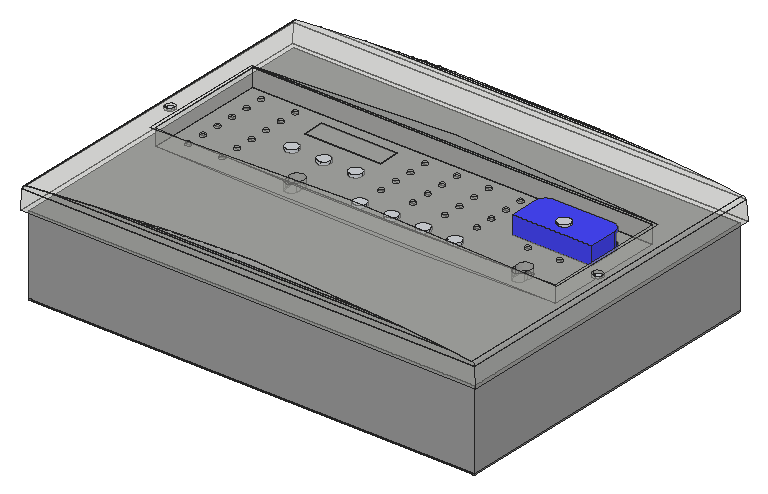
Revit family "Maxlogic konvansiyonel yangın söndürme santralı", category Fire Alarm Devices, host Face, Revit 2021
Family settings
  Host = Face
  Maintain Annotation Orientation = Yes
  Round Connector Dimension = Use Diameter
  Part Type = Normal
  OmniClass Number = 23.85.30.21
  OmniClass Title = Environmental Detection/Registration
  Cut with Voids When Loaded = No
  Shared = No
  Room Calculation Point = No
Parameters (values of type "Konvansiyonel yangın söndürme santralı 4 algılama bölgeli, 1 söndürme çıkışlı")
  Weight = "3900 gr"
  Weatherproof surface mounting back box = ""
  Warranty Duration Unit = "Year"
  Warranty Duration Parts = "2"
  Warranty Duration Labor = "2"
  Version = ""
  URL = "https://www.mavili.com.tr/"
  Recessed mounting base = ""
  Public Works Pose Number = ""
  Protection Sign = ""
  Product Code = "ML-322"
  Phone Number = "(+)90 216 466 45 05"
  Operatonal Voltage (default) = ""
  Operating voltage range = ""
  Operating temperature = "(-5°C) - (+40°C)"
  Nominal Depth = "100 mm"
  Nominal Width = "400 mm"
  Nominal Height = "300 mm"
  Mounting surface = "Duvara montaj"
  Mounting height = ""
  Model = "Maxlogic"
  Manufacturer = "Mavili Elektronik Ticaret A.Ş."
  Installation Manual = "https://mavilielektronik.com/Revit/ML322_kk.pdf"
  Indicator output = ""
  Fax Number = "(+)90 216 466 45 10"
  External supply = "220 V AC"
  Email = "mavili@mavili.com.tr"
  Disclaimer = ""
  Device Adress Setup = ""
  Description = "Konvansiyonel yangın söndürme santralı 4 algılama bölgeli, 1 söndürme çıkışlı"
  Default Elevation = 0 mm
  Current consumption = ""
  Cost unıt = ""
  Cost = 0
  Compatible sockets = ""
  Color = "Beyaz"
  Code Performance = "EN 54-2, EN 54-4"
  Main Material = "Metal Grey"
  Secondary Material = "White Plastic ABS"
  Battery = "2 X (12V DC 7 Ah )"
  Assembly Code = ""
  Address line 1 = "Şerifali Mahallesi Kutup Sokak No:27/1-2-4 Ümraniye TR-34775 İSTANBUL"
Reference planes
  plane 1 "Center (Front/Back)": y = 0
  plane 2: z = 0
  plane 3 "Center (Left/Right)": x = 0
Forms (mm)
  Extrusion 1, solid, material "mavili arka kasa"
    sketch origin (-210, -150, 148.173) x (1, 0, 0) y (0, 0, -1)
      loop
        line (42.905, 77.3) -> (434.905, 77.3) -> (434.905, 146.904)
        arc (434.905, 146.904) -> (434.545, 147.715) -> (433.785, 148.173) r 1.476
        line (433.785, 148.173) -> (44.505, 148.173)
        arc (44.505, 148.173) -> (43.374, 147.704) -> (42.905, 146.573) r 1.6
        line (42.905, 146.573) -> (42.905, 77.3)
    from 0 to 300
  Extrusion 2, solid, material "Mavili beyaz"
    sketch origin (-210, -150, 148.173) x (1, 0, 0) y (0, 0, -1)
      loop
        line (38.905, 77.3) -> (39.824, 59.769)
        arc (39.824, 59.769) -> (40.651, 57.854) -> (42.526, 56.941) r 3
        arc (42.526, 56.941) -> (238.905, 47.3) -> (435.284, 56.941) r 2005
        arc (435.284, 56.941) -> (437.16, 57.854) -> (437.987, 59.769) r 3
        line (437.987, 59.769) -> (438.905, 77.3) -> (38.905, 77.3)
    from 0 to 300
  Extrusion 3, void
    sketch origin (-167.095, -150, 70.872) x (0, 0, 1) y (0, -1, 0)
      loop
        arc (-69.27, -296) -> (-70.403, -295.532) -> (-70.872, -294.4) r 1.6
        line (-70.872, -294.4) -> (-70.872, -300) -> (0, -300) -> (0, -296) -> (-69.27, -296)
    from 0 to 392
  Extrusion 4, void
    sketch origin (-167.095, 150, 70.872) x (0, 0, 1) y (0, -1, 0)
      loop
        line (-69.27, 296) -> (0, 296) -> (0, 300) -> (-70.872, 300) -> (-70.872, 294.4)
        arc (-70.872, 294.4) -> (-70.403, 295.532) -> (-69.27, 296) r 1.6
    from 0 to 392
  Extrusion 5, void
    sketch origin (-210, -150, 148.173) x (0, 0, -1) y (0, 1, 0)
      loop
        line (55.289, 116.326) -> (55.289, 228.158) -> (47.3, 228.297) -> (47.3, 111.721) -> (55.289, 116.326)
    from 0 to 497.127
  Extrusion 6, void
    sketch origin (-210, -150, 148.173) x (0, 0, -1) y (0, 1, 0)
      loop
        arc (47.3, 295.581) -> (48.124, 297.646) -> (50.143, 298.577) r 3
        line (50.143, 298.577) -> (51.913, 298.669) -> (55.057, 298.834) -> (59.769, 299.081) -> (77.3, 300) -> (50, 300) -> (47.3, 300) -> (47.3, 295.581)
    from 0 to 493.151
  Extrusion 7, void
    sketch origin (-210, 150, 148.173) x (0, 0, -1) y (0, 1, 0)
      loop
        line (47.3, -295.581) -> (47.3, -300) -> (50, -300) -> (77.3, -300) -> (59.769, -299.081) -> (55.057, -298.834) -> (51.913, -298.669) -> (50.143, -298.577)
        arc (50.143, -298.577) -> (48.124, -297.646) -> (47.3, -295.581) r 3
    from 0 to 493.151
  Extrusion 8, void
    sketch origin (-167.095, 146, 25.472) x (0, 0, -1) y (1, 0, 0)
      loop
        line (-13.523, 66.9) -> (-13.523, 68.054)
        arc (-13.523, 68.054) -> (-15, 68.144) -> (-16.477, 68.054) r 12.144
        line (-16.477, 68.054) -> (-16.477, 66.9)
        arc (-16.477, 66.9) -> (-26, 56.025) -> (-16.527, 45.106) r 11
        line (-16.527, 45.106) -> (-16.527, 43.952)
        arc (-16.527, 43.952) -> (-15, 43.856) -> (-13.473, 43.952) r 12.144
        line (-13.473, 43.952) -> (-13.473, 45.106)
        arc (-13.473, 45.106) -> (-4, 56.025) -> (-13.523, 66.9) r 11
    from 0 to 1
  Extrusion 9, void
    sketch origin (-127.095, 146, 25.472) x (0, 0, -1) y (1, 0, 0)
      loop
        line (-13.523, 66.9) -> (-13.523, 68.054)
        arc (-13.523, 68.054) -> (-15, 68.144) -> (-16.477, 68.054) r 12.144
        line (-16.477, 68.054) -> (-16.477, 66.9)
        arc (-16.477, 66.9) -> (-26, 56.025) -> (-16.527, 45.106) r 11
        line (-16.527, 45.106) -> (-16.527, 43.952)
        arc (-16.527, 43.952) -> (-15, 43.856) -> (-13.473, 43.952) r 12.144
        line (-13.473, 43.952) -> (-13.473, 45.106)
        arc (-13.473, 45.106) -> (-4, 56.025) -> (-13.523, 66.9) r 11
    from 0 to 1
  Extrusion 10, void
    sketch origin (-87.095, 146, 25.472) x (0, 0, -1) y (1, 0, 0)
      loop
        line (-13.523, 66.9) -> (-13.523, 68.054)
        arc (-13.523, 68.054) -> (-15, 68.144) -> (-16.477, 68.054) r 12.144
        line (-16.477, 68.054) -> (-16.477, 66.9)
        arc (-16.477, 66.9) -> (-26, 56.025) -> (-16.527, 45.106) r 11
        line (-16.527, 45.106) -> (-16.527, 43.952)
        arc (-16.527, 43.952) -> (-15, 43.856) -> (-13.473, 43.952) r 12.144
        line (-13.473, 43.952) -> (-13.473, 45.106)
        arc (-13.473, 45.106) -> (-4, 56.025) -> (-13.523, 66.9) r 11
    from 0 to 1
  Extrusion 11, void
    sketch origin (-47.095, 146, 25.472) x (0, 0, -1) y (1, 0, 0)
      loop
        line (-13.523, 66.9) -> (-13.523, 68.054)
        arc (-13.523, 68.054) -> (-15, 68.144) -> (-16.477, 68.054) r 12.144
        line (-16.477, 68.054) -> (-16.477, 66.9)
        arc (-16.477, 66.9) -> (-26, 56.025) -> (-16.527, 45.106) r 11
        line (-16.527, 45.106) -> (-16.527, 43.952)
        arc (-16.527, 43.952) -> (-15, 43.856) -> (-13.473, 43.952) r 12.144
        line (-13.473, 43.952) -> (-13.473, 45.106)
        arc (-13.473, 45.106) -> (-4, 56.025) -> (-13.523, 66.9) r 11
    from 0 to 1
  Extrusion 12, void
    sketch origin (-7.095, 146, 25.472) x (0, 0, -1) y (1, 0, 0)
      loop
        line (-13.523, 66.9) -> (-13.523, 68.054)
        arc (-13.523, 68.054) -> (-15, 68.144) -> (-16.477, 68.054) r 12.144
        line (-16.477, 68.054) -> (-16.477, 66.9)
        arc (-16.477, 66.9) -> (-26, 56.025) -> (-16.527, 45.106) r 11
        line (-16.527, 45.106) -> (-16.527, 43.952)
        arc (-16.527, 43.952) -> (-15, 43.856) -> (-13.473, 43.952) r 12.144
        line (-13.473, 43.952) -> (-13.473, 45.106)
        arc (-13.473, 45.106) -> (-4, 56.025) -> (-13.523, 66.9) r 11
    from 0 to 1
  Extrusion 13, void
    sketch origin (32.905, 146, 25.472) x (0, 0, -1) y (1, 0, 0)
      loop
        line (-13.523, 66.9) -> (-13.523, 68.054)
        arc (-13.523, 68.054) -> (-15, 68.144) -> (-16.477, 68.054) r 12.144
        line (-16.477, 68.054) -> (-16.477, 66.9)
        arc (-16.477, 66.9) -> (-26, 56.025) -> (-16.527, 45.106) r 11
        line (-16.527, 45.106) -> (-16.527, 43.952)
        arc (-16.527, 43.952) -> (-15, 43.856) -> (-13.473, 43.952) r 12.144
        line (-13.473, 43.952) -> (-13.473, 45.106)
        arc (-13.473, 45.106) -> (-4, 56.025) -> (-13.523, 66.9) r 11
    from 0 to 1
  Extrusion 14, void
    sketch origin (72.905, 146, 25.472) x (0, 0, -1) y (1, 0, 0)
      loop
        line (-13.523, 66.9) -> (-13.523, 68.054)
        arc (-13.523, 68.054) -> (-15, 68.144) -> (-16.477, 68.054) r 12.144
        line (-16.477, 68.054) -> (-16.477, 66.9)
        arc (-16.477, 66.9) -> (-26, 56.025) -> (-16.527, 45.106) r 11
        line (-16.527, 45.106) -> (-16.527, 43.952)
        arc (-16.527, 43.952) -> (-15, 43.856) -> (-13.473, 43.952) r 12.144
        line (-13.473, 43.952) -> (-13.473, 45.106)
        arc (-13.473, 45.106) -> (-4, 56.025) -> (-13.523, 66.9) r 11
    from 0 to 1
  Extrusion 15, void
    sketch origin (112.905, 146, 25.472) x (0, 0, -1) y (1, 0, 0)
      loop
        line (-13.523, 66.9) -> (-13.523, 68.054)
        arc (-13.523, 68.054) -> (-15, 68.144) -> (-16.477, 68.054) r 12.144
        line (-16.477, 68.054) -> (-16.477, 66.9)
        arc (-16.477, 66.9) -> (-26, 56.025) -> (-16.527, 45.106) r 11
        line (-16.527, 45.106) -> (-16.527, 43.952)
        arc (-16.527, 43.952) -> (-15, 43.856) -> (-13.473, 43.952) r 12.144
        line (-13.473, 43.952) -> (-13.473, 45.106)
        arc (-13.473, 45.106) -> (-4, 56.025) -> (-13.523, 66.9) r 11
    from 0 to 1
  Extrusion 16, void
    sketch origin (-210, -33.417, 92.884) x (-1, 0, 0) y (0, 1, 0)
      loop
        line (-62.836, 2.214) -> (-62.836, 108.579)
        spline (-62.836, 108.579) -> (-92.123, 108.62) -> (-121.442, 108.654) -> (-150.785, 108.681) -> (-180.148, 108.699) -> (-209.524, 108.711) -> (-238.905, 108.714) -> (-268.287, 108.711) -> (-297.662, 108.699) -> (-327.025, 108.681) -> (-356.369, 108.654) -> (-385.687, 108.62) -> (-414.974, 108.579)
        line (-414.974, 108.579) -> (-414.974, 2.214)
        spline (-414.974, 2.214) -> (-385.687, 0.847) -> (-356.369, -0.273) -> (-327.025, -1.144) -> (-297.662, -1.766) -> (-268.287, -2.14) -> (-238.905, -2.264) -> (-209.524, -2.14) -> (-180.148, -1.766) -> (-150.785, -1.144) -> (-121.442, -0.273) -> (-92.123, 0.847) -> (-62.836, 2.214)
    from 0 to 15
  Revolve 17, solid, material "Glass"
    sketch origin (-225, 152.917, 77.884) x (-1, 0, 0) y (0, -1, 0)
      loop
        arc (-91.405, 87.917) -> (-93.905, 90.417) -> (-96.405, 87.917) r 2.5
        line (-96.405, 87.917) -> (-91.405, 87.917)
      axis (-91.405, 87.917) -> (-96.405, 87.917)
    angle from 0 to -180
  Extrusion 18, void
    sketch origin (-210, -33.417, 92.884) x (-1, 0, 0) y (0, 1, 0)
      loop
        circle (-50.905, 33.417) r 4.25
    from 0 to 3
  Extrusion 19, solid
    sketch origin (-210, -33.442, 89.884) x (0, 1, 0) y (-1, 0, 0)
      loop
        line (35.753, -50.862) -> (34.597, -48.861) -> (32.286, -48.861) -> (31.13, -50.862) -> (32.286, -52.864) -> (34.597, -52.864) -> (35.753, -50.862)
    from 0 to 1
  Extrusion 20, void
    sketch origin (267.811, -33.417, 92.884) x (-1, 0, 0) y (0, 1, 0)
      loop
        circle (50.905, 33.417) r 4.25
    from 0 to 3
  Extrusion 21, solid
    sketch origin (267.811, -33.442, 89.884) x (0, 1, 0) y (-1, 0, 0)
      loop
        line (35.753, 50.862) -> (34.597, 52.864) -> (32.286, 52.864) -> (31.13, 50.862) -> (32.286, 48.861) -> (34.597, 48.861) -> (35.753, 50.862)
    from 0 to 1
  Revolve 22, solid, material "Glass"
    sketch origin (-225, 136.917, 77.884) x (-1, 0, 0) y (0, -1, 0)
      loop
        arc (-91.405, 87.917) -> (-93.905, 90.417) -> (-96.405, 87.917) r 2.5
        line (-96.405, 87.917) -> (-91.405, 87.917)
      axis (-91.405, 87.917) -> (-96.405, 87.917)
    angle from 0 to -180
  Revolve 23, solid, material "Glass"
    sketch origin (-225, 120.917, 77.884) x (-1, 0, 0) y (0, -1, 0)
      loop
        arc (-91.405, 87.917) -> (-93.905, 90.417) -> (-96.405, 87.917) r 2.5
        line (-96.405, 87.917) -> (-91.405, 87.917)
      axis (-91.405, 87.917) -> (-96.405, 87.917)
    angle from 0 to -180
  Revolve 24, solid, material "Glass"
    sketch origin (-225, 104.917, 77.884) x (-1, 0, 0) y (0, -1, 0)
      loop
        arc (-91.405, 87.917) -> (-93.905, 90.417) -> (-96.405, 87.917) r 2.5
        line (-96.405, 87.917) -> (-91.405, 87.917)
      axis (-91.405, 87.917) -> (-96.405, 87.917)
    angle from 0 to -180
  Extrusion 25, solid
    sketch origin (62, -24.417, 92.758) x (0, 1, 0) y (-1, 0, 0)
      loop
        circle (63.417, -93.905) r 5.5
    from 0 to 2
  Extrusion 26, solid
    sketch origin (-25, -70.435, 77.884) x (0, 1, 0) y (-1, 0, 0)
      loop
        circle (63.417, -93.905) r 5.5
    from 0 to 2
  Extrusion 27, solid
    sketch origin (-53, -70.417, 77.884) x (0, 1, 0) y (-1, 0, 0)
      loop
        circle (63.417, -93.905) r 5.5
    from 0 to 2
  Extrusion 28, solid
    sketch origin (-81, -70.417, 77.884) x (0, 1, 0) y (-1, 0, 0)
      loop
        circle (63.417, -93.905) r 5.5
    from 0 to 2
  Extrusion 29, solid
    sketch origin (-166, -38.417, 77.884) x (0, 1, 0) y (-1, 0, 0)
      loop
        circle (63.417, -93.905) r 5.5
    from 0 to 2
  Revolve 30, solid, material "Glass"
    sketch origin (-225, 88.917, 77.884) x (-1, 0, 0) y (0, -1, 0)
      loop
        arc (-91.405, 87.917) -> (-93.905, 90.417) -> (-96.405, 87.917) r 2.5
        line (-96.405, 87.917) -> (-91.405, 87.917)
      axis (-91.405, 87.917) -> (-96.405, 87.917)
    angle from 0 to -180
  Revolve 31, solid, material "Glass"
    sketch origin (-225, 72.917, 77.884) x (-1, 0, 0) y (0, -1, 0)
      loop
        arc (-91.405, 87.917) -> (-93.905, 90.417) -> (-96.405, 87.917) r 2.5
        line (-96.405, 87.917) -> (-91.405, 87.917)
      axis (-91.405, 87.917) -> (-96.405, 87.917)
    angle from 0 to -180
  Revolve 32, solid, material "Glass"
    sketch origin (-195, 152.917, 77.884) x (-1, 0, 0) y (0, -1, 0)
      loop
        arc (-91.405, 87.917) -> (-93.905, 90.417) -> (-96.405, 87.917) r 2.5
        line (-96.405, 87.917) -> (-91.405, 87.917)
      axis (-91.405, 87.917) -> (-96.405, 87.917)
    angle from 0 to -180
  Revolve 33, solid, material "Glass"
    sketch origin (-195, 136.917, 77.884) x (-1, 0, 0) y (0, -1, 0)
      loop
        arc (-91.405, 87.917) -> (-93.905, 90.417) -> (-96.405, 87.917) r 2.5
        line (-96.405, 87.917) -> (-91.405, 87.917)
      axis (-91.405, 87.917) -> (-96.405, 87.917)
    angle from 0 to -180
  Revolve 34, solid, material "Glass"
    sketch origin (-195, 120.917, 77.884) x (-1, 0, 0) y (0, -1, 0)
      loop
        arc (-91.405, 87.917) -> (-93.905, 90.417) -> (-96.405, 87.917) r 2.5
        line (-96.405, 87.917) -> (-91.405, 87.917)
      axis (-91.405, 87.917) -> (-96.405, 87.917)
    angle from 0 to -180
  Revolve 35, solid, material "Glass"
    sketch origin (-195, 104.917, 77.884) x (-1, 0, 0) y (0, -1, 0)
      loop
        arc (-91.405, 87.917) -> (-93.905, 90.417) -> (-96.405, 87.917) r 2.5
        line (-96.405, 87.917) -> (-91.405, 87.917)
      axis (-91.405, 87.917) -> (-96.405, 87.917)
    angle from 0 to -180
  Revolve 36, solid, material "Glass"
    sketch origin (-195, 88.917, 77.884) x (-1, 0, 0) y (0, -1, 0)
      loop
        arc (-91.405, 87.917) -> (-93.905, 90.417) -> (-96.405, 87.917) r 2.5
        line (-96.405, 87.917) -> (-91.405, 87.917)
      axis (-91.405, 87.917) -> (-96.405, 87.917)
    angle from 0 to -180
  Revolve 37, solid, material "Glass"
    sketch origin (-195, 72.917, 77.884) x (-1, 0, 0) y (0, -1, 0)
      loop
        arc (-91.405, 87.917) -> (-93.905, 90.417) -> (-96.405, 87.917) r 2.5
        line (-96.405, 87.917) -> (-91.405, 87.917)
      axis (-91.405, 87.917) -> (-96.405, 87.917)
    angle from 0 to -180
  Extrusion 38, solid
    sketch origin (-138, -38.417, 77.884) x (0, 1, 0) y (-1, 0, 0)
      loop
        circle (63.417, -93.905) r 5.5
    from 0 to 2
  Extrusion 39, solid
    sketch origin (-110, -38.417, 77.884) x (0, 1, 0) y (-1, 0, 0)
      loop
        circle (63.417, -93.905) r 5.5
    from 0 to 2
  Extrusion 40, solid
    sketch origin (3, -70.435, 77.884) x (0, 1, 0) y (-1, 0, 0)
      loop
        circle (63.417, -93.905) r 5.5
    from 0 to 2
  Revolve 41, solid, material "Glass"
    sketch origin (-80.971, 152.917, 77.884) x (-1, 0, 0) y (0, -1, 0)
      loop
        arc (-91.405, 87.917) -> (-93.905, 90.417) -> (-96.405, 87.917) r 2.5
        line (-96.405, 87.917) -> (-91.405, 87.917)
      axis (-91.405, 87.917) -> (-96.405, 87.917)
    angle from 0 to -180
  Revolve 42, solid, material "Glass"
    sketch origin (-80.971, 136.917, 77.884) x (-1, 0, 0) y (0, -1, 0)
      loop
        arc (-91.405, 87.917) -> (-93.905, 90.417) -> (-96.405, 87.917) r 2.5
        line (-96.405, 87.917) -> (-91.405, 87.917)
      axis (-91.405, 87.917) -> (-96.405, 87.917)
    angle from 0 to -180
  Revolve 43, solid, material "Glass"
    sketch origin (-80.971, 120.917, 77.884) x (-1, 0, 0) y (0, -1, 0)
      loop
        arc (-91.405, 87.917) -> (-93.905, 90.417) -> (-96.405, 87.917) r 2.5
        line (-96.405, 87.917) -> (-91.405, 87.917)
      axis (-91.405, 87.917) -> (-96.405, 87.917)
    angle from 0 to -180
  Revolve 44, solid, material "Glass"
    sketch origin (-80.971, 104.917, 77.884) x (-1, 0, 0) y (0, -1, 0)
      loop
        arc (-91.405, 87.917) -> (-93.905, 90.417) -> (-96.405, 87.917) r 2.5
        line (-96.405, 87.917) -> (-91.405, 87.917)
      axis (-91.405, 87.917) -> (-96.405, 87.917)
    angle from 0 to -180
  Revolve 45, solid, material "Glass"
    sketch origin (-53, 152.917, 77.884) x (-1, 0, 0) y (0, -1, 0)
      loop
        arc (-91.405, 87.917) -> (-93.905, 90.417) -> (-96.405, 87.917) r 2.5
        line (-96.405, 87.917) -> (-91.405, 87.917)
      axis (-91.405, 87.917) -> (-96.405, 87.917)
    angle from 0 to -180
  Revolve 46, solid, material "Glass"
    sketch origin (-53, 136.917, 77.884) x (-1, 0, 0) y (0, -1, 0)
      loop
        arc (-91.405, 87.917) -> (-93.905, 90.417) -> (-96.405, 87.917) r 2.5
        line (-96.405, 87.917) -> (-91.405, 87.917)
      axis (-91.405, 87.917) -> (-96.405, 87.917)
    angle from 0 to -180
  Revolve 47, solid, material "Glass"
    sketch origin (-53, 120.917, 77.884) x (-1, 0, 0) y (0, -1, 0)
      loop
        arc (-91.405, 87.917) -> (-93.905, 90.417) -> (-96.405, 87.917) r 2.5
        line (-96.405, 87.917) -> (-91.405, 87.917)
      axis (-91.405, 87.917) -> (-96.405, 87.917)
    angle from 0 to -180
  Revolve 48, solid, material "Glass"
    sketch origin (-53, 104.917, 77.884) x (-1, 0, 0) y (0, -1, 0)
      loop
        arc (-91.405, 87.917) -> (-93.905, 90.417) -> (-96.405, 87.917) r 2.5
        line (-96.405, 87.917) -> (-91.405, 87.917)
      axis (-91.405, 87.917) -> (-96.405, 87.917)
    angle from 0 to -180
  Revolve 49, solid, material "Glass"
    sketch origin (-25, 152.917, 77.884) x (-1, 0, 0) y (0, -1, 0)
      loop
        arc (-91.405, 87.917) -> (-93.905, 90.417) -> (-96.405, 87.917) r 2.5
        line (-96.405, 87.917) -> (-91.405, 87.917)
      axis (-91.405, 87.917) -> (-96.405, 87.917)
    angle from 0 to -180
  Revolve 50, solid, material "Glass"
    sketch origin (-25, 136.917, 77.884) x (-1, 0, 0) y (0, -1, 0)
      loop
        arc (-91.405, 87.917) -> (-93.905, 90.417) -> (-96.405, 87.917) r 2.5
        line (-96.405, 87.917) -> (-91.405, 87.917)
      axis (-91.405, 87.917) -> (-96.405, 87.917)
    angle from 0 to -180
  Revolve 51, solid, material "Glass"
    sketch origin (-25, 120.917, 77.884) x (-1, 0, 0) y (0, -1, 0)
      loop
        arc (-91.405, 87.917) -> (-93.905, 90.417) -> (-96.405, 87.917) r 2.5
        line (-96.405, 87.917) -> (-91.405, 87.917)
      axis (-91.405, 87.917) -> (-96.405, 87.917)
    angle from 0 to -180
  Revolve 52, solid, material "Glass"
    sketch origin (-25, 104.917, 77.884) x (-1, 0, 0) y (0, -1, 0)
      loop
        arc (-91.405, 87.917) -> (-93.905, 90.417) -> (-96.405, 87.917) r 2.5
        line (-96.405, 87.917) -> (-91.405, 87.917)
      axis (-91.405, 87.917) -> (-96.405, 87.917)
    angle from 0 to -180
  Revolve 53, solid, material "Glass"
    sketch origin (3, 152.917, 77.884) x (-1, 0, 0) y (0, -1, 0)
      loop
        arc (-91.405, 87.917) -> (-93.905, 90.417) -> (-96.405, 87.917) r 2.5
        line (-96.405, 87.917) -> (-91.405, 87.917)
      axis (-91.405, 87.917) -> (-96.405, 87.917)
    angle from 0 to -180
  Revolve 54, solid, material "Glass"
    sketch origin (3, 136.917, 77.884) x (-1, 0, 0) y (0, -1, 0)
      loop
        arc (-91.405, 87.917) -> (-93.905, 90.417) -> (-96.405, 87.917) r 2.5
        line (-96.405, 87.917) -> (-91.405, 87.917)
      axis (-91.405, 87.917) -> (-96.405, 87.917)
    angle from 0 to -180
  Revolve 55, solid, material "Glass"
    sketch origin (3, 120.917, 77.884) x (-1, 0, 0) y (0, -1, 0)
      loop
        arc (-91.405, 87.917) -> (-93.905, 90.417) -> (-96.405, 87.917) r 2.5
        line (-96.405, 87.917) -> (-91.405, 87.917)
      axis (-91.405, 87.917) -> (-96.405, 87.917)
    angle from 0 to -180
  Revolve 56, solid, material "Glass"
    sketch origin (3, 104.917, 77.884) x (-1, 0, 0) y (0, -1, 0)
      loop
        arc (-91.405, 87.917) -> (-93.905, 90.417) -> (-96.405, 87.917) r 2.5
        line (-96.405, 87.917) -> (-91.405, 87.917)
      axis (-91.405, 87.917) -> (-96.405, 87.917)
    angle from 0 to -180
  Extrusion 57, void
    sketch origin (69.905, 42.159, 71.01) x (1, 0, 0) y (0, -1, 0)
      loop
        line (-108.85, 49.421) -> (-108.85, 53.059)
        arc (-108.85, 53.059) -> (-114, 58.209) -> (-119.15, 53.059) r 5.15
        line (-119.15, 53.059) -> (-119.15, 49.421)
        arc (-119.15, 49.421) -> (-114, 39.909) -> (-108.85, 49.421) r 6.15
    from -12 to 1
  Extrusion 58, void
    sketch origin (269.905, 42.159, 71.01) x (1, 0, 0) y (0, -1, 0)
      loop
        line (-108.85, 49.421) -> (-108.85, 53.059)
        arc (-108.85, 53.059) -> (-114, 58.209) -> (-119.15, 53.059) r 5.15
        line (-119.15, 53.059) -> (-119.15, 49.421)
        arc (-119.15, 49.421) -> (-114, 39.909) -> (-108.85, 49.421) r 6.15
    from -12 to 1
  Extrusion 59, solid, material "Poche"
    sketch origin (-210, -33.417, 77.884) x (-1, 0, 0) y (0, -1, 0)
      loop
        line (-330.905, -83.667) -> (-330.905, -59.167) -> (-400.905, -59.167) -> (-400.905, -83.667)
        arc (-400.905, -83.667) -> (-397.976, -90.738) -> (-390.905, -93.667) r 10
        line (-390.905, -93.667) -> (-340.905, -93.667)
        arc (-340.905, -93.667) -> (-333.834, -90.738) -> (-330.905, -83.667) r 10
    from 0 to 15.8
  Revolve 60, solid, material "Glass"
    sketch origin (48, 104.917, 77.884) x (-1, 0, 0) y (0, -1, 0)
      loop
        arc (-91.405, 87.917) -> (-93.905, 90.417) -> (-96.405, 87.917) r 2.5
        line (-96.405, 87.917) -> (-91.405, 87.917)
      axis (-91.405, 87.917) -> (-96.405, 87.917)
    angle from 0 to -180
  Revolve 61, solid, material "Glass"
    sketch origin (75.978, 104.917, 77.884) x (-1, 0, 0) y (0, -1, 0)
      loop
        arc (-91.405, 87.917) -> (-93.905, 90.417) -> (-96.405, 87.917) r 2.5
        line (-96.405, 87.917) -> (-91.405, 87.917)
      axis (-91.405, 87.917) -> (-96.405, 87.917)
    angle from 0 to -180
  Extrusion 62, void
    sketch origin (190.905, 60.25, 91.41) x (0, -1, 0) y (0, 0, 1)
      loop
        line (8, -10.4) -> (8, 0) -> (0, 0) -> (0, -10.4) -> (8, -10.4)
    from -1.098 to 70
  Extrusion 63, solid, material "Glass"
    sketch origin (-284.25, -20.789, 77.884) x (0, 1, 0) y (-1, 0, 0)
      loop
        line (85.539, -206.655) -> (66.539, -206.655) -> (66.539, -273.655) -> (85.539, -273.655) -> (85.539, -206.655)
    from 0 to 0.8
  Extrusion 64, void
    sketch origin (269.905, 42.159, 71.01) x (1, 0, 0) y (0, -1, 0)
      loop
        line (-108.85, 49.421) -> (-108.85, 53.059)
        arc (-108.85, 53.059) -> (-114, 58.209) -> (-119.15, 53.059) r 5.15
        line (-119.15, 53.059) -> (-119.15, 49.421)
        arc (-119.15, 49.421) -> (-114, 39.909) -> (-108.85, 49.421) r 6.15
    from -12 to 1
Cuts and joins
  Extrusion 3, Extrusion 4, Extrusion 8, Extrusion 9, Extrusion 10, Extrusion 11, Extrusion 12, Extrusion 13, Extrusion 14, Extrusion 15, Extrusion 57, Extrusion 58, Extrusion 64 cuts Extrusion 1
  Extrusion 3, Extrusion 4, Extrusion 5, Extrusion 6, Extrusion 7, Extrusion 16, Extrusion 18, Extrusion 20, Extrusion 57, Extrusion 64 cuts Extrusion 2
  Extrusion 20 cuts Extrusion 19
  Extrusion 57 cuts Revolve 48
  Extrusion 62 cuts Extrusion 59
Lines and regions (mm)
  model lines
    curve 1: arc (142.905, 41.4, 93.684) -> (144.37, 44.935, 93.684) -> (147.905, 46.4, 93.684) r 5
    curve 2: line (142.905, 41.4, 93.684) -> (142.905, 36.6, 93.684)
    curve 3: arc (147.905, 31.6, 93.684) -> (144.37, 33.064, 93.684) -> (142.905, 36.6, 93.684) r 5
    curve 4: line (147.905, 31.6, 93.684) -> (163.905, 31.6, 93.684)
    curve 5: arc (168.905, 36.6, 93.684) -> (167.441, 33.064, 93.684) -> (163.905, 31.6, 93.684) r 5
    curve 6: line (168.905, 36.6, 93.684) -> (168.905, 41.4, 93.684)
    curve 7: arc (163.905, 46.4, 93.684) -> (167.441, 44.935, 93.684) -> (168.905, 41.4, 93.684) r 5
    curve 8: line (163.905, 46.4, 93.684) -> (147.905, 46.4, 93.684)
    curve 9: line (189.405, 48.75, 93.684) -> (122.405, 48.75, 93.684)
    curve 10: line (120.905, 50.25, 93.684) -> (190.905, 50.25, 93.684)
    curve 11: line (122.905, 52.25, 93.684) -> (188.905, 52.25, 93.684)
    curve 12: line (122.905, 27.75, 93.684) -> (122.905, 52.25, 93.684)
    curve 13: line (130.905, 50.25, 93.684) -> (130.905, 52.25, 93.684)
    curve 14: line (161.205, 52.95, 93.684) -> (150.605, 52.95, 93.684)
    curve 15: line (150.605, 52.95, 93.684) -> (150.605, 50.25, 93.684)
    curve 16: line (161.205, 50.25, 93.684) -> (161.205, 52.95, 93.684)
    curve 17: line (160.905, 50.25, 93.684) -> (160.905, 52.25, 93.684)
    curve 18: line (150.905, 52.25, 93.684) -> (150.905, 50.25, 93.684)
    curve 19: line (180.905, 52.25, 93.684) -> (180.905, 50.25, 93.684)
    curve 20: line (188.905, 52.25, 93.684) -> (188.905, 27.75, 93.684)
    curve 21: line (189.405, 27.75, 93.684) -> (189.405, 50.25, 93.684)
    curve 22: line (122.405, 50.25, 93.684) -> (122.405, 27.75, 93.684)
    curve 23: arc (179.805, 39, 93.684) -> (181.405, 37.4, 93.684) -> (183.005, 39, 93.684) r 1.6
    curve 24: arc (183.005, 39, 93.684) -> (181.405, 40.6, 93.684) -> (179.805, 39, 93.684) r 1.6
    curve 25: arc (128.805, 39, 93.684) -> (130.405, 37.4, 93.684) -> (132.005, 39, 93.684) r 1.6
    curve 26: arc (132.005, 39, 93.684) -> (130.405, 40.6, 93.684) -> (128.805, 39, 93.684) r 1.6
    curve 27: line (190.905, 27.75, 93.684) -> (120.905, 27.75, 93.684)
    curve 28: line (163.905, 3.75, 77.884) -> (147.905, 3.75, 77.884)
    curve 29: line (147.905, 3.75, 77.884) -> (147.905, -17.55, 77.884)
    curve 30: line (147.905, -17.55, 77.884) -> (163.905, -17.55, 77.884)
    curve 31: line (163.905, -17.55, 77.884) -> (163.905, 3.75, 77.884)
    curve 32: line (-52.095, -17.55, 77.884) -> (-36.095, -17.55, 77.884)
    curve 33: line (-36.095, -17.55, 77.884) -> (-36.095, 3.75, 77.884)
    curve 34: line (-36.095, 3.75, 77.884) -> (-52.095, 3.75, 77.884)
    curve 35: line (-52.095, 3.75, 77.884) -> (-52.095, -17.55, 77.884)
    curve 36: arc (-38.345, -7.436, 77.884) -> (-44.095, 2.85, 77.884) -> (-49.845, -7.436, 77.884) r 6.75
    curve 37: line (-49.845, -7.436, 77.884) -> (-49.845, -10.9, 77.884)
    curve 38: arc (-49.845, -10.9, 77.884) -> (-44.095, -16.65, 77.884) -> (-38.345, -10.9, 77.884) r 5.75
    curve 39: line (-38.345, -10.9, 77.884) -> (-38.345, -7.436, 77.884)
    curve 40: arc (161.655, -7.436, 77.884) -> (155.905, 2.85, 77.884) -> (150.155, -7.436, 77.884) r 6.75
    curve 41: line (150.155, -7.436, 77.884) -> (150.155, -10.9, 77.884)
    curve 42: arc (150.155, -10.9, 77.884) -> (155.905, -16.65, 77.884) -> (161.655, -10.9, 77.884) r 5.75
    curve 43: line (161.655, -10.9, 77.884) -> (161.655, -7.436, 77.884)
Dimensions and locks
  aligned and locked: plane 2 to host face
  aligned and locked: level to host face
Connectors
  electrical at (29.145, 0, 0)
    settings: on cut or joined group of Extrusion 1, Extrusion 3, Extrusion 4, Extrusion 8, Extrusion 9, Extrusion 10, Extrusion 11, Extrusion 12, Extrusion 13, Extrusion 14, Extrusion 15, Extrusion 57, Extrusion 58, Extrusion 64, index 1, voltage 0 V, apparent load 0 VA, apparent load phase1 0 VA, apparent load phase2 0 VA, apparent load phase3 0 VA, power factor 1, load classification "Other", number of poles 1, system type 31, power factor state 1, is connector primary yes, connector utility no, sub classification motor no, connector description ""
